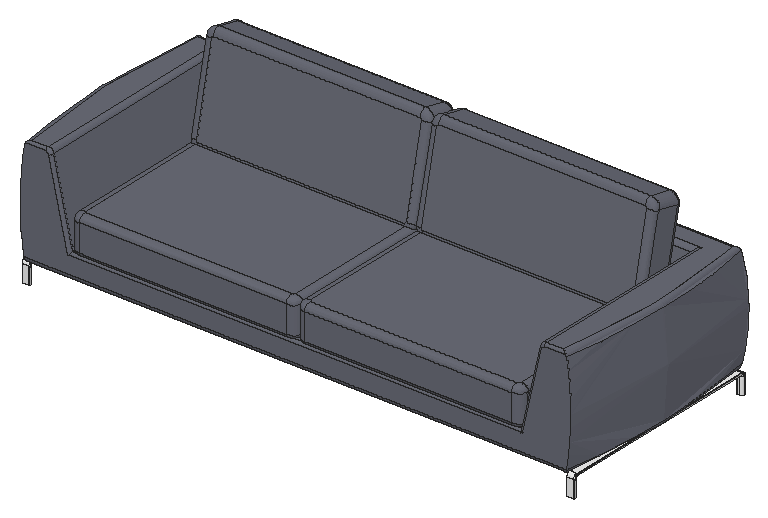
Revit family "BampB_ITALIA_-_RAY_sofa_10904", category Мебель, Revit 2017
Family settings
  На основе рабочей плоскости = Нет
  Всегда вертикально = Да
  При загрузке вырезать с полостями = Нет
  Общий = Нет
  Точка расчета площади = Нет
Parameters (values of type "RYL275")
  Upholstery (Cushion) = Furniture_B&B Italia_Ray_Upholstery
  Upholstery (Body) = Furniture_B&B Italia_Ray_Upholstery
  Pillow = Furniture_B&B Italia_Ray_Upholstery
  Группа модели = "Ray - RY275"
  Изготовитель = "B&B Italia"
  Length = 9' - 0 69/256"
  Leg Finish = Furniture_B&B Italia_Ray_Leg
  Depth = 3' - 6 1/8"
  Assembly Code = ""
Types (3): name | Группа модели | Length | Depth
  (no name) | "Ray - RY275" | 9' - 0 69/256" | 3' - 6 1/8"
  RY235 | "Ray - RY235" | 7' - 8 133/256" | 3' - 2 125/128"
  RYL275 | "Ray - RY275" | 9' - 0 69/256" | 3' - 6 1/8"
Reference planes (in)
  plane 1 "Center Front/Back": y = 0
  plane 2: z = 0
  plane 3 "Center Left/Right": x = 0
  plane 4: x = -54.13477
  plane 5: x = 54.13477
  plane 6: y = 21.0625
  plane 7: y = -21.0625
  plane 8: z = 15.35433
  plane 9: z = 24.80315
  plane 10: z = 3.9345
  plane 11 "ll": x = -52.30979
  plane 12: x = -50.93479
  plane 13 "rl": x = 52.30979
  plane 14: x = 50.93479
  plane 15 "BOS": z = 8.64636
  plane 16: z = 31.5219
  plane 17: x = -44.13477
  plane 18: x = 44.13477
  plane 19: x = -42.69727
  plane 20: x = 42.69727
  plane 21: y = 11.55832
  plane 22: x = -29.59037
  plane 23: x = -13.9564
  plane 24: x = 29.59037
  plane 25: x = 13.9564
  plane 26: through (0, 6.98401, 31.5219) normal (0, -0.9563, 0.2924)
Forms (in)
  Extrusion 1, solid, material "Furniture_B&B Italia_Ray_Upholstery" <- "Upholstery (Body)"
    sketch origin (0, 0, 0) x (1, 0, 0) y (0, 0, 1)
      loop
        arc (-53.13477, 24.80315) -> (-53.84187, 24.51026) -> (-54.13477, 23.80315) r 1
        line (-54.13477, 23.80315) -> (-54.13477, 4.9345)
        arc (-54.13477, 4.9345) -> (-53.84187, 4.22739) -> (-53.13477, 3.9345) r 1
        line (-53.13477, 3.9345) -> (53.13477, 3.9345)
        arc (53.13477, 3.9345) -> (53.84187, 4.22739) -> (54.13477, 4.9345) r 1
        line (54.13477, 4.9345) -> (54.13477, 23.80315)
        arc (54.13477, 23.80315) -> (53.84187, 24.51026) -> (53.13477, 24.80315) r 1
        line (53.13477, 24.80315) -> (47.24664, 24.80315)
        arc (47.24664, 24.80315) -> (46.62412, 24.58576) -> (46.27227, 24.0281) r 1
        line (46.27227, 24.0281) -> (42.90005, 9.42141)
        arc (42.90005, 9.42141) -> (42.54819, 8.86375) -> (41.92568, 8.64636) r 1
        line (41.92568, 8.64636) -> (-41.92568, 8.64636)
        arc (-41.92568, 8.64636) -> (-42.54819, 8.86375) -> (-42.90005, 9.42141) r 1
        line (-42.90005, 9.42141) -> (-46.27227, 24.0281)
        arc (-46.27227, 24.0281) -> (-46.62412, 24.58576) -> (-47.24664, 24.80315) r 1
        line (-47.24664, 24.80315) -> (-53.13477, 24.80315)
    from -21.0625 to 21.0625
  Sweep 2, void
    path origin (0, 0, 0) x (1, 0, 0) y (0, 1, 0)
      loop
        arc (50.18825, -30.71792) -> (54.05986, -4.94288) -> (52.30979, 21.0625) r 120.74202
        line (52.30979, 21.0625) -> (-52.30979, 21.0625)
        arc (-52.30979, 21.0625) -> (-54.05986, -4.94288) -> (-50.18825, -30.71792) r 120.74202
    profile origin (0, 21.0625, 0) x (0, -1, 0) y (0, 0, 1)
      loop
        line (-9.75, 2.9345) -> (3.78418, 2.9345) -> (3.78418, 3.9345) -> (1.87712, 3.9345)
        arc (1.87712, 3.9345) -> (1.22981, 4.17228) -> (0.89033, 4.77254) r 1
        arc (0.89033, 4.77254) -> (0.12433, 14.37502) -> (0.95699, 23.97196) r 58.04458
        arc (0.95699, 23.97196) -> (1.29798, 24.56761) -> (1.94264, 24.80315) r 1
        line (1.94264, 24.80315) -> (3.25, 24.80315) -> (3.25, 25.80315) -> (-9.75, 25.80315) -> (-9.75, 2.9345)
  Extrusion 3, solid, material "Furniture_B&B Italia_Ray_Upholstery" <- "Upholstery (Body)"
    sketch origin (0, 0, 0) x (0, 1, 0) y (0, 0, 1)
      loop
        line (21.0625, 24.80315) -> (16.08384, 24.80315)
        arc (16.08384, 24.80315) -> (15.46133, 24.58576) -> (15.10947, 24.0281) r 1
        line (15.10947, 24.0281) -> (11.55832, 8.64636) -> (21.0625, 8.64636) -> (21.0625, 24.80315)
    from -50.93479 to 50.93479
  Sweep 4, void
    path origin (0, -21.0625, 0) x (1, 0, 0) y (0, 0, 1)
      loop
        line (52.19212, 24.80315) -> (47.24664, 24.80315)
        arc (47.24664, 24.80315) -> (46.62412, 24.58576) -> (46.27227, 24.0281) r 1
        line (46.27227, 24.0281) -> (42.72111, 8.64636) -> (-42.72111, 8.64636) -> (-46.27227, 24.0281)
        arc (-46.27227, 24.0281) -> (-46.62412, 24.58576) -> (-47.24664, 24.80315) r 1
        line (-47.24664, 24.80315) -> (-52.19212, 24.80315)
    profile origin (0, -21.0625, 8.64636) x (0, 0, -1) y (0, -1, 0)
      loop
        arc (0.5, 0) -> (-0.35355, 0.35355) -> (0, -0.5) r 0.5
        arc (0, -0.5) -> (0.14645, -0.14645) -> (0.5, 0) r 0.5
  Sweep 5, void
    path origin (0, -21.0625, 0) x (1, 0, 0) y (0, 0, 1)
      loop
        line (-53.10058, 3.9345) -> (53.10058, 3.9345)
    profile origin (0, -21.0625, 3.9345) x (0, 0, 1) y (0, -1, 0)
      loop
        arc (0, -1) -> (0.29289, -0.29289) -> (1, 0) r 1
        arc (1, 0) -> (-0.70711, 0.70711) -> (0, -1) r 1
  Sweep 6, solid, material "Furniture_B&B Italia_Ray_Leg" <- "Leg Finish"
    path origin (-52.30979, 0, 0) x (0, 0, 1) y (0, -1, 0)
      loop
        line (0, -19.39744) -> (3.17126, -19.39744)
        arc (3.17126, -19.39744) -> (3.25964, -19.36083) -> (3.29626, -19.27244) r 0.125
        line (3.29626, -19.27244) -> (3.29626, 19.68969)
        arc (3.29626, 19.68969) -> (3.25964, 19.77808) -> (3.17126, 19.81469) r 0.125
        line (3.17126, 19.81469) -> (0, 19.81469)
    profile origin (-52.30979, -0.20862, 3.29626) x (0, 0, 1) y (1, 0, 0)
      loop
        arc (0, 0.5) -> (0.14645, 0.14645) -> (0.5, 0) r 0.5
        line (0.5, 0) -> (0.57574, 0)
        arc (0.57574, 0) -> (0.61994, 0.01831) -> (0.63824, 0.0625) r 0.0625
        line (0.63824, 0.0625) -> (0.63824, 1.3125)
        arc (0.63824, 1.3125) -> (0.61994, 1.35669) -> (0.57574, 1.375) r 0.0625
        line (0.57574, 1.375) -> (0.5, 1.375)
        arc (0.5, 1.375) -> (0.14645, 1.22855) -> (0, 0.875) r 0.5
        line (0, 0.875) -> (0, 0.5)
  Sweep 7, solid, material "Furniture_B&B Italia_Ray_Leg" <- "Leg Finish"
    path origin (52.30979, 0, 0) x (0, 0, 1) y (0, -1, 0)
      loop
        line (0, -19.39744) -> (3.17126, -19.39744)
        arc (3.17126, -19.39744) -> (3.25964, -19.36083) -> (3.29626, -19.27244) r 0.125
        line (3.29626, -19.27244) -> (3.29626, 19.68969)
        arc (3.29626, 19.68969) -> (3.25964, 19.77808) -> (3.17126, 19.81469) r 0.125
        line (3.17126, 19.81469) -> (0, 19.81469)
    profile origin (52.30979, -0.20862, 3.29626) x (0, 0, -1) y (-1, 0, 0)
      loop
        line (-0.63824, 1.3125) -> (-0.63824, 0.0625)
        arc (-0.63824, 0.0625) -> (-0.61994, 0.01831) -> (-0.57574, 0) r 0.0625
        line (-0.57574, 0) -> (-0.5, 0)
        arc (-0.5, 0) -> (-0.14645, 0.14645) -> (0, 0.5) r 0.5
        line (0, 0.5) -> (0, 0.875)
        arc (0, 0.875) -> (-0.14645, 1.22855) -> (-0.5, 1.375) r 0.5
        line (-0.5, 1.375) -> (-0.57574, 1.375)
        arc (-0.57574, 1.375) -> (-0.61994, 1.35669) -> (-0.63824, 1.3125) r 0.0625
Cuts and joins
  Sweep 2, Sweep 4, Sweep 5 cuts Extrusion 1
  Sweep 2, Sweep 4, Sweep 5 cuts Extrusion 3
  joined: Extrusion 1, Extrusion 3
Dimensions and locks (in)
  equal spacing: plane 4, plane 3 "Center Left/Right", plane 5
  "Depth": plane 7 to plane 6
  "Length": plane 4 to plane 5
  plane 8 to level = 1' - 3.35433"
  plane 9 to level = 2' - 0.80315"
  locked: plane 10 to level at 3.9345
  locked: plane 12 to plane 11 "ll" at 1.375
  locked: plane 11 "ll" to plane 4 at 1.82497
  locked: plane 14 to plane 13 "rl" at 1.375
  locked: plane 13 "rl" to plane 5 at 1.82497
  locked: plane 8 to plane 15 "BOS" at 6.70797
  locked: plane 16 to plane 9 at 6.71875
  locked: plane 17 to plane 4 at 10
  locked: plane 18 to plane 5 at 10
  locked: plane 5 to plane 20 at 11.4375
  locked: plane 4 to plane 19 at 11.4375
  locked: plane 21 to plane 6 at 9.50418
  locked: plane 19 to plane 22 at 13.10689
  locked: plane 3 "Center Left/Right" to plane 23 at 13.9564
  locked: plane 3 "Center Left/Right" to plane 25 at 13.9564
  locked: plane 24 to plane 20 at 13.10689
  aligned and locked: Sweep 2 sketch curve to plane 6
  aligned and locked: Extrusion 3 to plane 12
  aligned and locked: Extrusion 3 to plane 14
  aligned and locked: Sweep 5 sketch curve to cut or joined group of Extrusion 1, Sweep 2, Extrusion 3, Sweep 4, Sweep 5
  aligned and locked: nested 1 to plane 3 "Center Left/Right"
  aligned and locked: nested 1 to plane 15 "BOS"
  aligned and locked: nested 1 to plane 7
  aligned and locked: plane 21 to nested 1
  aligned and locked: nested 1 to plane 19
  aligned and locked: plane 3 "Center Left/Right" to nested 2
  aligned and locked: nested 2 to plane 15 "BOS"
  aligned and locked: nested 2 to plane 20
  aligned and locked: plane 8 to nested 2
  aligned and locked: plane 21 to nested 2
  aligned and locked: nested 2 to plane 7
  aligned and locked: nested 3 to plane 3 "Center Left/Right"
  aligned and locked: nested 3 to plane 19
  aligned and locked: nested 4 to plane 20
  aligned and locked: nested 4 to plane 3 "Center Left/Right"
  aligned and locked: Extrusion 1 to plane 6
  aligned and locked: Extrusion 1 to plane 7
Automatic sketch dimensions
  Extrusion 1 sketch curve to plane 4 = 0' - 0"
  Extrusion 1 sketch curve to plane 9 = 0' - 0"  (x2)
  Extrusion 1 sketch curve to plane 10 = 0' - 0"
  Extrusion 1 sketch curve to plane 15 "BOS" = 0' - 0"
  Extrusion 1 sketch curve to plane 5 = 0' - 0"
  Extrusion 1 sketch curve to plane 11 "ll" = 0' - 0.82497"  (x2)
  Extrusion 1 sketch curve to plane 17 = 0' - 3.11187"
  Extrusion 1 sketch curve to plane 9 = 0' - 0.77505"  (x2)
  Extrusion 1 sketch curve to Extrusion 1 sketch curve = 0' - 0.97437"  (x2)
  plane 19 to Extrusion 1 sketch curve = 0' - 0.20278"
  Extrusion 1 sketch curve to plane 19 = 0' - 0.77159"
  Extrusion 1 sketch curve to plane 20 = 0' - 0.77159"
  plane 20 to Extrusion 1 sketch curve = 0' - 0.20278"
  Extrusion 1 sketch curve to plane 18 = 0' - 2.1375"
  Extrusion 1 sketch curve to plane 13 "rl" = 0' - 0.82497"  (x2)
  plane 15 "BOS" to Extrusion 1 sketch curve = 0' - 0.77505"  (x2)
  Sweep 2 sketch curve to plane 1 "Center Front/Back" = 0' - 0"  (x2)
  Sweep 2 sketch curve to plane 11 "ll" = 0' - 0"
  Sweep 2 sketch curve to plane 13 "rl" = 0' - 0"
  Sweep 2 sketch curve to plane 4 = 1' - 0.44618"
  plane 12 to Sweep 2 sketch curve = 0' - 0.74654"
  plane 14 to Sweep 2 sketch curve = 0' - 0.74654"
  Sweep 2 sketch curve to plane 5 = 1' - 0.44618"
  profile plane to Sweep 2 sketch curve = 0' - 9 3/4"
  Sweep 2 sketch curve to profile plane = 0' - 0.89033"
  Sweep 2 sketch curve to Sweep 2 sketch curve = 0' - 0"  (x2)
  Sweep 2 sketch curve to profile plane = 0' - 0.95699"
  Sweep 2 sketch curve to Sweep 2 sketch curve = 0' - 0.9868"
  Sweep 2 sketch curve to Sweep 2 sketch curve = 0' - 0.98565"
  Sweep 2 sketch curve to Sweep 2 sketch curve = 0' - 1.30736"
  Sweep 2 sketch curve to Sweep 2 sketch curve = 0' - 1.90706"
  level to Sweep 2 sketch curve = 1' - 2.17347"
  Sweep 2 sketch curve to Sweep 2 sketch curve = 4' - 6.38438"
  level to Sweep 2 sketch curve = 0' - 4.9345"
  Sweep 2 sketch curve to Sweep 2 sketch curve = 0' - 1"  (x2)
  Extrusion 3 sketch curve to plane 15 "BOS" = 0' - 0"
  Extrusion 3 sketch curve to plane 21 = 0' - 0"
  Extrusion 3 sketch curve to plane 9 = 0' - 0"
  Extrusion 3 sketch curve to plane 6 = 0' - 0"
  Extrusion 3 sketch curve to plane 9 = 0' - 0.77505"
  Extrusion 3 sketch curve to plane 21 = 0' - 3.55115"
  Extrusion 3 sketch curve to plane 9 = 0' - 1"
  Sweep 4 sketch curve to Extrusion 1 = 0' - 0"  (x3)
  Sweep 4 sketch curve to Extrusion 1 = 0' - 1.94264"  (x2)
  Sweep 4 sketch curve to Extrusion 1 = 0' - 0.77505"  (x2)
  Sweep 4 sketch curve to profile plane = 0' - 0"  (x2)
  Sweep 4 sketch curve to profile plane = 0' - 0 1/2"
  Sweep 5 sketch curve to Extrusion 1 = 0' - 1.03418"  (x2)
  Sweep 5 sketch curve to profile plane = 0' - 0"  (x2)
  Sweep 5 sketch curve to profile plane = 0' - 1"
  Sweep 6 sketch curve to level = 0' - 0"  (x2)
  plane 10 to Sweep 6 sketch curve = 0' - 0.76324"  (x2)
  Sweep 6 sketch curve to Sweep 6 sketch curve = 0' - 0 1/8"
  plane 6 to Sweep 6 sketch curve = 0' - 1.66506"
  plane 7 to Sweep 6 sketch curve = 0' - 1.37281"
  Sweep 6 sketch curve to profile plane = 0' - 0"
  Sweep 6 sketch curve to plane 11 "ll" = 0' - 0"
  Sweep 6 sketch curve to Sweep 6 sketch curve = 0' - 0 1/2"
  Sweep 6 sketch curve to profile plane = 0' - 0 1/2"
  Sweep 6 sketch curve to Sweep 6 sketch curve = 0' - 0.07574"  (x2)
  plane 11 "ll" to Sweep 6 sketch curve = 0' - 0 1/16"
  Sweep 6 sketch curve to Sweep 6 sketch curve = 0' - 0 3/8"
  Sweep 7 sketch curve to level = 0' - 0"  (x2)
  Sweep 7 sketch curve to plane 10 = 0' - 0.76324"  (x2)
  Sweep 7 sketch curve to Sweep 7 sketch curve = 0' - 0 1/8"
  Sweep 7 sketch curve to plane 6 = 0' - 1.66506"
  Sweep 7 sketch curve to plane 7 = 0' - 1.37281"
  Sweep 7 sketch curve to plane 13 "rl" = 0' - 0"
  Sweep 7 sketch curve to profile plane = 0' - 0"
  profile plane to Sweep 7 sketch curve = 0' - 0 1/2"
  Sweep 7 sketch curve to Sweep 7 sketch curve = 0' - 0.07574"  (x2)
  Sweep 7 sketch curve to Sweep 7 sketch curve = 0' - 0 1/16"  (x2)
  Sweep 7 sketch curve to Sweep 7 sketch curve = 0' - 0 3/8"
  radius of Sweep 4 sketch curve to Extrusion 1 = 0' - 0"  (x2)
Nested families (in)
  nested 1: "B&B_Ray_Seat" at (-21.34863, -0.07323, 4.71186), type "B&B_Ray_Seat"
    with Thickness 0' - 6.70797", Length 3' - 6.69727", Depth 2' - 8.62082"
  nested 2: "B&B_Ray_Seat" at (21.34863, -0.07323, 4.71186), type "B&B_Ray_Seat"
    with Thickness 0' - 6.70797", Length 3' - 6.69727", Depth 2' - 8.62082"
  nested 3: "B&B_Ray_Back" at (-28.22139, -11.65283, -1.25914) x (0, -1, 0) z (0, 0, 1), type "B&B_Ray_Back"
    with Thickness 0' - 6.10738", Length 3' - 6.69727", Depth 1' - 7 169/256"
  nested 4: "B&B_Ray_Back" at (14.47587, -11.65283, -1.25914) x (0, -1, 0) z (0, 0, 1), type "B&B_Ray_Back"
    with Thickness 0' - 6 27/256", Length 3' - 6.69727", Depth 1' - 7 169/256"
Definition of nested family "B&B_Ray_Seat"
  Parameters
    Upholstery = none
    Thickness [instance] = 0' - 4 91/128"
    Length [instance] = 3' - 0 1/4"
    Depth [instance] = 1' - 7 169/256"
  Reference planes (in)
    plane 1: z = 0
    plane 2 "Center Left/Right": x = 0
    plane 3: x = -18.125
    plane 4: x = 18.125
    plane 5 "Bottom": z = 3.9345
    plane 6 "TOP": z = 8.64543
    plane 7: y = 11.63155
    plane 8: through (0, 6.98401, 31.5219) normal (0, -0.9563, 0.2924)
    plane 9: through (0, 13.21436, 22.63855) normal (0, -0.9744, 0.225)
    plane 10: y = -8.02861
  Forms (in)
    Extrusion 1, solid, material <- "Upholstery"
      sketch origin (0, 0, 8.64543) x (-1, 0, 0) y (0, -1, 0)
        loop
          line (18.125, -11.63155) -> (18.125, 8.02861) -> (-18.125, 8.02861) -> (-18.125, -11.63155) -> (18.125, -11.63155)
      from -4.71094 to 0
    Sweep 2, void
      path origin (0, 0, 8.64543) x (-1, 0, 0) y (0, -1, 0)
        loop
          arc (16.375, -11.63155) -> (17.61244, -11.11899) -> (18.125, -9.88155) r 1.75
          line (18.125, -9.88155) -> (18.125, 6.27861)
          arc (18.125, 6.27861) -> (17.61244, 7.51604) -> (16.375, 8.02861) r 1.75
          line (16.375, 8.02861) -> (-16.375, 8.02861)
          arc (-16.375, 8.02861) -> (-17.61244, 7.51604) -> (-18.125, 6.27861) r 1.75
          line (-18.125, 6.27861) -> (-18.125, -9.88155)
          arc (-18.125, -9.88155) -> (-17.61244, -11.11899) -> (-16.375, -11.63155) r 1.75
          line (-16.375, -11.63155) -> (16.375, -11.63155)
      profile origin (0, 11.63155, 8.64543) x (0, 1, 0) y (0, 0, 1)
        loop
          arc (0, -4.21094) -> (-0.14645, -4.56449) -> (-0.5, -4.71094) r 0.5
          line (-0.5, -4.71094) -> (-0.75, -4.71094)
          arc (-0.75, -4.71094) -> (3.70608, -1.52453) -> (-1.55563, 0) r 3.04394
          line (-1.55563, 0) -> (-1.44053, 0)
          spline (-1.44053, 0) -> (-1.21044, -0.00743) -> (-1.00036, -0.0297) -> (-0.8103, -0.06683) -> (-0.64023, -0.11881) -> (-0.49018, -0.18564) -> (-0.36013, -0.26732) -> (-0.25009, -0.36385) -> (-0.16006, -0.47523) -> (-0.09003, -0.60147) -> (-0.04001, -0.74255) -> (-0.01, -0.89848) -> (0, -1.06927)
          line (0, -1.06927) -> (0, -4.21094)
  Cuts and joins
    Sweep 2 cuts Extrusion 1
  Dimensions and locks (in)
    equal spacing: plane 3, plane 2 "Center Left/Right", plane 4
    "Length": plane 3 to plane 4
    "Depth": plane 10 to plane 7
    "Thickness": plane 6 "TOP" to plane 5 "Bottom"
    aligned and locked: Extrusion 1 to plane 3
    aligned and locked: Extrusion 1 to plane 7
    aligned and locked: plane 10 to Extrusion 1
    aligned and locked: Extrusion 1 to plane 4
    aligned and locked: plane 5 "Bottom" to Extrusion 1
    aligned and locked: plane 6 "TOP" to Extrusion 1
    aligned and locked: plane 5 "Bottom" to Sweep 2 sketch curve
    aligned and locked: profile plane to Sweep 2 sketch curve
  Automatic sketch dimensions
    Extrusion 1 sketch curve to plane 10 = 0' - 0"
    plane 3 to Extrusion 1 sketch curve = 0' - 0"
    plane 7 to Extrusion 1 sketch curve = 0' - 0"
    plane 4 to Extrusion 1 sketch curve = 0' - 0"
    Sweep 2 sketch curve to plane 4 = 0' - 0"
    Sweep 2 sketch curve to plane 7 = 0' - 0"
    Sweep 2 sketch curve to plane 10 = 0' - 0"
    Sweep 2 sketch curve to plane 3 = 0' - 0"
    plane 4 to Sweep 2 sketch curve = 0' - 1 3/4"  (x2)
    Sweep 2 sketch curve to Sweep 2 sketch curve = 0' - 1 3/4"
    plane 3 to Sweep 2 sketch curve = 0' - 1 3/4"
    Sweep 2 sketch curve to profile plane = 0' - 0"
    profile plane to Sweep 2 sketch curve = 0' - 0 1/2"
    Sweep 2 sketch curve to Sweep 2 sketch curve = 0' - 0 1/4"
    profile plane to Sweep 2 sketch curve = 0' - 1.44053"
    Sweep 2 sketch curve to Sweep 2 sketch curve = 0' - 0.11511"
    Sweep 2 sketch curve to profile plane = 0' - 0.70569"
    Sweep 2 sketch curve to plane 6 "TOP" = 0' - 1.06927"
Definition of nested family "B&B_Ray_Back"
  Parameters
    Upholstery = none
    Thickness [instance] = 0' - 4 91/128"
    Length [instance] = 3' - 0 1/4"
    Depth [instance] = 1' - 7 169/256"
  Reference planes (in)
    plane 1: z = 0
    plane 2 "Center Left/Right": through (-32.11069, 0, 30.96318) normal (0.225, 0, -0.9744)
    plane 3: through (-32.45602, 0, 32.45899) normal (0.225, 0, -0.9744)
    plane 4: through (-28.03345, 0, 13.30272) normal (0.225, 0, -0.9744)
    plane 5 "Bottom": through (-38.2707, -180, 75.13557) normal (-0.9744, 0, -0.225)
    plane 6 "TOP": through (-39.28705, -180, 100.47993) normal (0.9744, 0, 0.225)
    plane 7: y = 28.22139
    plane 8: through (0, 6.98401, 31.5219) normal (0, -0.9563, 0.2924)
    plane 9: through (0, 13.21436, 22.63855) normal (0, -0.9744, 0.225)
    plane 10: y = -8.02861
  Forms (in)
    Extrusion 1, solid, material <- "Upholstery"
      sketch origin (-15.27526, 0, -3.52657) x (-0.224951, 0, 0.97437) y (0, -1, 0)
        loop
          line (38.92808, -28.22139) -> (38.92808, 8.02861) -> (19.26792, 8.02861) -> (19.26792, -28.22139) -> (38.92808, -28.22139)
      from -4.71094 to 0
    Sweep 2, void
      path origin (-15.27526, 0, -3.52657) x (-0.224951, 0, 0.97437) y (0, -1, 0)
        loop
          arc (37.17808, -28.22139) -> (38.41552, -27.70883) -> (38.92808, -26.47139) r 1.75
          line (38.92808, -26.47139) -> (38.92808, 6.27861)
          arc (38.92808, 6.27861) -> (38.41552, 7.51604) -> (37.17808, 8.02861) r 1.75
          line (37.17808, 8.02861) -> (21.01792, 8.02861)
          arc (21.01792, 8.02861) -> (19.78049, 7.51604) -> (19.26792, 6.27861) r 1.75
          line (19.26792, 6.27861) -> (19.26792, -26.47139)
          arc (19.26792, -26.47139) -> (19.78049, -27.70883) -> (21.01792, -28.22139) r 1.75
          line (21.01792, -28.22139) -> (37.17808, -28.22139)
      profile origin (-21.82088, 28.22139, 24.82565) x (0, 1, 0) y (0.97437, 0, 0.224951)
        loop
          arc (0, -4.21094) -> (-0.14645, -4.56449) -> (-0.5, -4.71094) r 0.5
          line (-0.5, -4.71094) -> (-0.75, -4.71094)
          arc (-0.75, -4.71094) -> (3.70608, -1.52453) -> (-1.55563, 0) r 3.04394
          line (-1.55563, 0) -> (-1.44053, 0)
          spline (-1.44053, 0) -> (-1.21044, -0.00743) -> (-1.00036, -0.0297) -> (-0.8103, -0.06683) -> (-0.64023, -0.11881) -> (-0.49018, -0.18564) -> (-0.36013, -0.26732) -> (-0.25009, -0.36385) -> (-0.16006, -0.47523) -> (-0.09003, -0.60147) -> (-0.04001, -0.74255) -> (-0.01, -0.89848) -> (0, -1.06927)
          line (0, -1.06927) -> (0, -4.21094)
  Cuts and joins
    Sweep 2 cuts Extrusion 1
  Dimensions and locks (in)
    "Thickness": plane 6 "TOP" to plane 5 "Bottom"
    "Depth": plane 3 to plane 4
    "Length": plane 7 to plane 10
    aligned and locked: Extrusion 1 to plane 3
    aligned and locked: Extrusion 1 to plane 7
    aligned and locked: plane 10 to Extrusion 1
    aligned and locked: Extrusion 1 to plane 4
    aligned and locked: plane 5 "Bottom" to Extrusion 1
    aligned and locked: plane 6 "TOP" to Extrusion 1
    aligned and locked: plane 5 "Bottom" to Sweep 2 sketch curve
    aligned and locked: profile plane to Sweep 2 sketch curve
  Automatic sketch dimensions
    Extrusion 1 sketch curve to plane 4 = 0' - 0"
    Extrusion 1 sketch curve to plane 3 = 0' - 0"
    Extrusion 1 sketch curve to plane 7 = 0' - 0"
    Extrusion 1 sketch curve to plane 10 = 0' - 0"
    Sweep 2 sketch curve to plane 4 = 0' - 0"
    Sweep 2 sketch curve to plane 10 = 0' - 0"
    Sweep 2 sketch curve to plane 7 = 0' - 0"
    Sweep 2 sketch curve to plane 3 = 0' - 0"
    plane 4 to Sweep 2 sketch curve = 0' - 1 3/4"  (x2)
    plane 3 to Sweep 2 sketch curve = 0' - 1 3/4"  (x2)
    Sweep 2 sketch curve to profile plane = 0' - 0"
    profile plane to Sweep 2 sketch curve = 0' - 0 1/2"
    Sweep 2 sketch curve to Sweep 2 sketch curve = 0' - 0 1/4"
    profile plane to Sweep 2 sketch curve = 0' - 1.44053"
    Sweep 2 sketch curve to Sweep 2 sketch curve = 0' - 0.11511"
    Sweep 2 sketch curve to profile plane = 0' - 0.70569"
    Sweep 2 sketch curve to plane 6 "TOP" = 0' - 1.06927"
